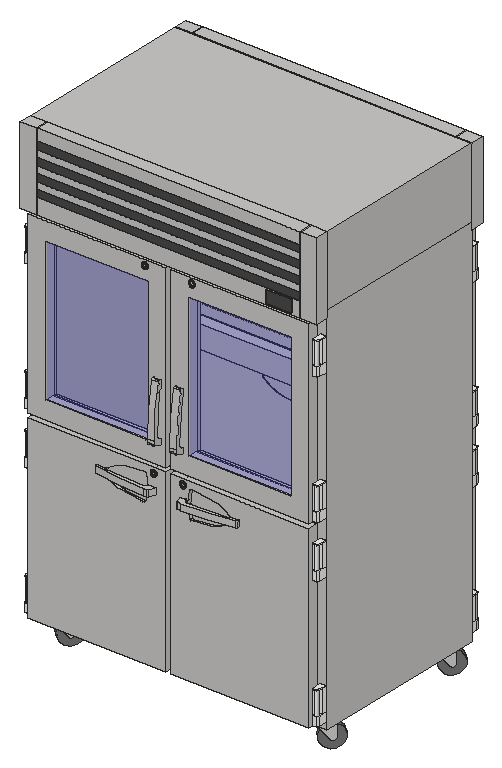
Revit family "QF_Turbo Air_PRO-50R-GSH-PT", category Specialty Equipment, Revit 2014
Parameters
  Width = 4' - 3 3/4"  # constant formula
  Weight in Pounds = 560
  Watermarked By = ""
  Volts = 115 V
  URL Cutsheet = ""
  URL = "www.turboairinc.com"
  Status [instance] = ""
  Specification by User [instance] = ""
  Specification by Manufacturer [instance] = ""
  Serial Number [instance] = ""
  Revision Code [instance] = ""
  Phase = 1
  Overall Height [instance] = Box Height + CasterLeg Height  # 6' - 11"
  Number of Poles [instance] = 1
  NAFEM Spec ID Number [instance] = ""
  Model = "PRO-50R-GSH-PT"
  Masterspec [instance] = ""
  Manufacturer = "Turbo Air"  # constant formula
  Door Height = 2' - 7 1/4"  # constant formula
  Description = "Refrigerator, Pass-Thru"
  Assembly Code = "E1090320"
  6 inch Legs [instance] = no
  Item Number [instance] = "-"
  Installed By [instance] = ""
  HP = "1/2"
  Furnished By [instance] = ""
  Foodservice Equipment Identifier = yes
  FL Amps = 9.1 A
  Electrical Remarks [instance] = ""
  Electric Connection Type = ""
  Elec Conn RI Height [instance] = 0' - 0"
  Elec Conn Connection Height = 6' - 4 7/8"
  Cycle = 60 Hz
  Conn Plug = "NEMA 5-15P"
  Casters [instance] = not([6 inch Legs])  # yes
  CasterLeg Height [instance] = if(or([5 inch Casters], [6 inch Legs]), 0' 6", 0' 5")  # 0' - 5"
  CSI MasterFormat = "11 41 13"
  Box Height = 6' - 6"  # constant formula
  Apparent Power = if(Phase = 3, Volts * FL Amps * 1.73, Volts * FL Amps)  # 1046.5 VA
  5 inch Casters [instance] = no
Reference planes (in)
  plane 1 "Box Back": y = 0
  plane 2: z = 0
  plane 3 "LEFT": x = -16.56573
  plane 4 "RIGHT": x = 35.18427
  plane 5 "FRONT": y = -33.875
  plane 6 "Box Front": y = -31.5
  plane 7 "Door Clearance": y = -57.75
  plane 8 "TOP": z = 83
  plane 9 "Box Bottom": z = 5
  plane 10 "Bottom Door Bottom": z = 5.875
  plane 11 "Top Door Top": z = 69.125
  plane 12 "Inside Left": x = -14.56573
  plane 13 "Inside Right": x = 33.18427
  plane 14 "Inside Back": y = -2
  plane 15 "Inside Front": y = -29.5
  plane 16 "Inside Top": z = 70.75
  plane 17 "Center LR": x = 9.30927
  plane 18 "Cowl Bottom": z = 69.5
  plane 19 "Door Left Hinge": x = -15.31573
  plane 20 "Door Right Hinge": x = 33.93427
  plane 21 "BACK": y = 2.375
  plane 22 "Center FB": y = -15.75
  plane 23: y = 26.25
  plane 24: x = 8.93427
  plane 25: x = 9.68427
  plane 26 "Door CL": z = 37.5
  plane 27 "Top Door Bottom": z = 37.875
  plane 28 "Bottom Door Top": z = 37.125
Forms (in)
  Extrusion 1, solid, material "QF_Stainless-Polished"
    sketch origin (0, 0, 5) x (0, 1, 0) y (-1, 0, 0)
      loop
        line (-31.5, 16.56573) -> (-31.5, 13.81573) -> (-29.5, 13.81573) -> (-29.5, 14.56573) -> (-2, 14.56573) -> (-2, 13.81573) -> (0, 13.81573) -> (0, 16.56573) -> (-31.5, 16.56573)
      loop
        line (-2, -33.18427) -> (-29.5, -33.18427) -> (-29.5, -32.43427) -> (-31.5, -32.43427) -> (-31.5, -35.18427) -> (0, -35.18427) -> (0, -32.43427) -> (-2, -32.43427) -> (-2, -33.18427)
    from 0 to 65.75
  Extrusion 2, solid, material "QF_Stainless-Polished"
    sketch origin (-14.56573, 0, 0) x (0, 1, 0) y (0, 0, 1)
      loop
        line (-29.5, 7.75) -> (-29.5, 5) -> (-2, 5) -> (-2, 7.75) -> (-29.5, 7.75)
      loop
        line (-29.5, 70.75) -> (-29.5, 69.375) -> (-2, 69.375) -> (-2, 70.75) -> (-29.5, 70.75)
    from 0 to 47.75
  Extrusion 3, solid, material "QF_Stainless-Polished"
    sketch origin (-14.56573, 0, 0) x (0, 1, 0) y (0, 0, 1)
      loop
        line (-29.5, 5) -> (-29.5, 8.25) -> (-31.5, 8.25) -> (-31.5, 5) -> (-29.5, 5)
      loop
        line (-31.5, 70.75) -> (-31.5, 67) -> (-29.5, 67) -> (-29.5, 70.75) -> (-31.5, 70.75)
    from 0.75 to 47
  Extrusion 4, solid, material "QF_Stainless-Polished"
    sketch origin (0, 0, 83) x (0, 1, 0) y (-1, 0, 0)
      loop
        line (0, 16.56573) -> (-31.5, 16.56573) -> (-31.5, -35.18427) -> (0, -35.18427) -> (0, 16.56573)
    from 0 to -12.25
  Extrusion 5, solid, material "QF_Plastic-Black-Fine Textured"
    sketch origin (0, -31.5, 0) x (1, 0, 0) y (0, 0, 1)
      loop
        line (-14.31573, 67.75) -> (-14.31573, 39.25) -> (7.93427, 39.25) -> (7.93427, 67.75) -> (-14.31573, 67.75)
      loop
        line (-14.31573, 7.25) -> (7.93427, 7.25) -> (7.93427, 35.75) -> (-14.31573, 35.75) -> (-14.31573, 7.25)
      loop
        line (32.93427, 7.25) -> (32.93427, 35.75) -> (10.68427, 35.75) -> (10.68427, 7.25) -> (32.93427, 7.25)
      loop
        line (32.93427, 67.75) -> (10.68427, 67.75) -> (10.68427, 39.25) -> (32.93427, 39.25) -> (32.93427, 67.75)
      loop
        line (-14.56573, 7) -> (8.18427, 7) -> (8.18427, 36) -> (-14.56573, 36) -> (-14.56573, 7)
      loop
        line (-14.56573, 68) -> (-14.56573, 39) -> (8.18427, 39) -> (8.18427, 68) -> (-14.56573, 68)
      loop
        line (33.18427, 68) -> (10.43427, 68) -> (10.43427, 39) -> (33.18427, 39) -> (33.18427, 68)
      loop
        line (33.18427, 7) -> (33.18427, 36) -> (10.43427, 36) -> (10.43427, 7) -> (33.18427, 7)
    from 0 to 0.625
  Extrusion 6, solid, material "QF_Stainless-Polished"
    sketch origin (0, -31.5, 0) x (1, 0, 0) y (0, 0, 1)
      loop
        line (-16.56573, 83) -> (-16.56573, 69.5) -> (-13.75323, 69.5) -> (-13.75323, 83) -> (-16.56573, 83)
      loop
        line (35.18427, 83) -> (32.37177, 83) -> (32.37177, 69.5) -> (35.18427, 69.5) -> (35.18427, 83)
    from 0 to 2.375
  Extrusion 7, solid, material "QF_Stainless-Polished"
    sketch origin (0, -31.5, 0) x (1, 0, 0) y (0, 0, 1)
      loop
        line (-13.75323, 83) -> (-13.75323, 81) -> (32.37177, 81) -> (32.37177, 83) -> (-13.75323, 83)
      loop
        line (-13.75323, 69.5) -> (32.37177, 69.5) -> (32.37177, 72.25) -> (-13.75323, 72.25) -> (-13.75323, 69.5)
      loop
        arc (30.87177, 71.75) -> (30.81686, 71.88258) -> (30.68427, 71.9375) r 0.1875
        line (30.68427, 71.9375) -> (26.55927, 71.9375)
        arc (26.55927, 71.9375) -> (26.42669, 71.88258) -> (26.37177, 71.75) r 0.1875
        line (26.37177, 71.75) -> (26.37177, 69.9375)
        arc (26.37177, 69.9375) -> (26.42669, 69.80492) -> (26.55927, 69.75) r 0.1875
        line (26.55927, 69.75) -> (30.68427, 69.75)
        arc (30.68427, 69.75) -> (30.81686, 69.80492) -> (30.87177, 69.9375) r 0.1875
        line (30.87177, 69.9375) -> (30.87177, 71.75)
    from 0 to 2.375
  Extrusion 8, solid, material "QF_Stainless-Polished"
    sketch origin (0, -31.5, 0) x (1, 0, 0) y (0, 0, 1)
      loop
        line (-13.75323, 79.6875) -> (-13.75323, 78.5625) -> (32.37177, 78.5625) -> (32.37177, 79.6875) -> (-13.75323, 79.6875)
      loop
        line (32.37177, 77.1875) -> (-13.75323, 77.1875) -> (-13.75323, 76.0625) -> (32.37177, 76.0625) -> (32.37177, 77.1875)
      loop
        line (32.37177, 74.6875) -> (-13.75323, 74.6875) -> (-13.75323, 73.5625) -> (32.37177, 73.5625) -> (32.37177, 74.6875)
    from 0 to 2.375
  Extrusion 9, solid, material "QF_Plastic-Black-Fine Textured"
    sketch origin (0, -31.5, 0) x (1, 0, 0) y (0, 0, 1)
      loop
        line (-13.75323, 81) -> (-13.75323, 79.6875) -> (32.37177, 79.6875) -> (32.37177, 81) -> (-13.75323, 81)
      loop
        line (-13.75323, 78.5625) -> (-13.75323, 77.1875) -> (32.37177, 77.1875) -> (32.37177, 78.5625) -> (-13.75323, 78.5625)
      loop
        line (-13.75323, 76.0625) -> (-13.75323, 74.6875) -> (32.37177, 74.6875) -> (32.37177, 76.0625) -> (-13.75323, 76.0625)
      loop
        line (-13.75323, 73.5625) -> (-13.75323, 72.25) -> (32.37177, 72.25) -> (32.37177, 73.5625) -> (-13.75323, 73.5625)
    from 0 to 2.375
  Extrusion 10, solid, material "QF_Plastic-Black-Fine Textured"
    sketch origin (0, -31.5, 0) x (1, 0, 0) y (0, 0, 1)
      loop
        arc (26.55927, 71.9375) -> (26.42669, 71.88258) -> (26.37177, 71.75) r 0.1875
        line (26.37177, 71.75) -> (26.37177, 69.9375)
        arc (26.37177, 69.9375) -> (26.42669, 69.80492) -> (26.55927, 69.75) r 0.1875
        line (26.55927, 69.75) -> (30.68427, 69.75)
        arc (30.68427, 69.75) -> (30.81686, 69.80492) -> (30.87177, 69.9375) r 0.1875
        line (30.87177, 69.9375) -> (30.87177, 71.75)
        arc (30.87177, 71.75) -> (30.81686, 71.88258) -> (30.68427, 71.9375) r 0.1875
        line (30.68427, 71.9375) -> (26.55927, 71.9375)
    from 0 to 2.375
  Extrusion 11, solid, material "QF_Clearance", detail levels coarse+medium
    sketch origin (0, 0, 5.875) x (0, 1, 0) y (-1, 0, 0)
      loop
        line (-57.75, -35.18427) -> (-33.875, -35.18427) -> (-33.875, -9.68427)
        arc (-33.875, -9.68427) -> (-51.23446, -17.35783) -> (-57.75, -35.18427) r 24.25
      loop
        arc (-57.75, 16.56573) -> (-51.23446, -1.26072) -> (-33.875, -8.93427) r 24.25
        line (-33.875, -8.93427) -> (-33.875, 16.56573) -> (-57.75, 16.56573)
    from 0 to 63.25
  Extrusion 12, solid, material "QF_Stainless-Polished"
    sketch origin (0, -2, 0) x (1, 0, 0) y (0, 0, 1)
      loop
        line (33.18427, 69.375) -> (-11.50323, 69.375) -> (-11.50323, 68.125) -> (10.43427, 68.125) -> (31.93427, 65.625) -> (33.18427, 65.625) -> (33.18427, 69.375)
    from 0 to 27.5
  Extrusion 13, solid, material "QF_Stainless-Polished"
    sketch origin (0, -15.75, 0) x (-1, 0, 0) y (0, 0, 1)
      loop
        line (-31.93427, 65.625) -> (-33.18427, 65.625) -> (-33.18427, 28.875) -> (-31.93427, 28.875) -> (-31.93427, 65.625)
    from 0.25 to -0.25
  Extrusion 14, solid, material "QF_Stainless-Polished"
    sketch origin (0, 0, 0) x (1, 0, 0) y (0, 0, 1)
      loop
        line (-16.56573, 83) -> (-16.56573, 69.5) -> (-13.75323, 69.5) -> (-13.75323, 83) -> (-16.56573, 83)
      loop
        line (35.18427, 83) -> (32.37177, 83) -> (32.37177, 69.5) -> (35.18427, 69.5) -> (35.18427, 83)
    from 0 to -2.375
  Extrusion 15, solid, material "QF_Plastic-Black-Fine Textured"
    sketch origin (0, 0, 0) x (1, 0, 0) y (0, 0, 1)
      loop
        line (-13.75323, 81) -> (-13.75323, 79.6875) -> (32.37177, 79.6875) -> (32.37177, 81) -> (-13.75323, 81)
      loop
        line (-13.75323, 78.5625) -> (-13.75323, 77.1875) -> (32.37177, 77.1875) -> (32.37177, 78.5625) -> (-13.75323, 78.5625)
      loop
        line (-13.75323, 76.0625) -> (-13.75323, 74.6875) -> (32.37177, 74.6875) -> (32.37177, 76.0625) -> (-13.75323, 76.0625)
      loop
        line (-13.75323, 73.5625) -> (-13.75323, 72.25) -> (32.37177, 72.25) -> (32.37177, 73.5625) -> (-13.75323, 73.5625)
    from 0 to -2.375
  Extrusion 16, solid, material "QF_Plastic-Black-Fine Textured"
    sketch origin (0, 0, 0) x (1, 0, 0) y (0, 0, 1)
      loop
        arc (26.55927, 71.9375) -> (26.42669, 71.88258) -> (26.37177, 71.75) r 0.1875
        line (26.37177, 71.75) -> (26.37177, 69.9375)
        arc (26.37177, 69.9375) -> (26.42669, 69.80492) -> (26.55927, 69.75) r 0.1875
        line (26.55927, 69.75) -> (30.68427, 69.75)
        arc (30.68427, 69.75) -> (30.81686, 69.80492) -> (30.87177, 69.9375) r 0.1875
        line (30.87177, 69.9375) -> (30.87177, 71.75)
        arc (30.87177, 71.75) -> (30.81686, 71.88258) -> (30.68427, 71.9375) r 0.1875
        line (30.68427, 71.9375) -> (26.55927, 71.9375)
    from 0 to -2.375
  Extrusion 17, solid, material "QF_Stainless-Polished"
    sketch origin (-14.56573, -31.5, 0) x (0, -1, 0) y (0, 0, -1)
      loop
        line (-29.5, -5) -> (-31.5, -5) -> (-31.5, -8.25) -> (-29.5, -8.25) -> (-29.5, -5)
      loop
        line (-31.5, -70.75) -> (-29.5, -70.75) -> (-29.5, -67) -> (-31.5, -67) -> (-31.5, -70.75)
    from 0.75 to 47
  Extrusion 18, solid, material "QF_Stainless-Polished"
    sketch origin (0, 0, 0) x (1, 0, 0) y (0, 0, 1)
      loop
        line (32.37177, 83) -> (-13.75323, 83) -> (-13.75323, 81) -> (32.37177, 81) -> (32.37177, 83)
      loop
        line (32.37177, 72.25) -> (-13.75323, 72.25) -> (-13.75323, 69.5) -> (32.37177, 69.5) -> (32.37177, 72.25)
      loop
        line (30.87177, 69.9375) -> (30.87177, 71.75)
        arc (30.87177, 71.75) -> (30.81686, 71.88258) -> (30.68427, 71.9375) r 0.1875
        line (30.68427, 71.9375) -> (26.55927, 71.9375)
        arc (26.55927, 71.9375) -> (26.42669, 71.88258) -> (26.37177, 71.75) r 0.1875
        line (26.37177, 71.75) -> (26.37177, 69.9375)
        arc (26.37177, 69.9375) -> (26.42669, 69.80492) -> (26.55927, 69.75) r 0.1875
        line (26.55927, 69.75) -> (30.68427, 69.75)
        arc (30.68427, 69.75) -> (30.81686, 69.80492) -> (30.87177, 69.9375) r 0.1875
    from 0 to -2.375
  Extrusion 19, solid, material "QF_Plastic-Black-Fine Textured"
    sketch origin (0, 0, 0) x (1, 0, 0) y (0, 0, 1)
      loop
        line (33.18427, 68) -> (10.43427, 68) -> (10.43427, 39) -> (33.18427, 39) -> (33.18427, 68)
      loop
        line (-14.31573, 67.75) -> (-14.31573, 39.25) -> (7.93427, 39.25) -> (7.93427, 67.75) -> (-14.31573, 67.75)
      loop
        line (32.93427, 67.75) -> (10.68427, 67.75) -> (10.68427, 39.25) -> (32.93427, 39.25) -> (32.93427, 67.75)
      loop
        line (-14.56573, 7) -> (8.18427, 7) -> (8.18427, 36) -> (-14.56573, 36) -> (-14.56573, 7)
      loop
        line (32.93427, 7.25) -> (32.93427, 35.75) -> (10.68427, 35.75) -> (10.68427, 7.25) -> (32.93427, 7.25)
      loop
        line (-14.31573, 7.25) -> (7.93427, 7.25) -> (7.93427, 35.75) -> (-14.31573, 35.75) -> (-14.31573, 7.25)
      loop
        line (-14.56573, 68) -> (-14.56573, 39) -> (8.18427, 39) -> (8.18427, 68) -> (-14.56573, 68)
      loop
        line (10.43427, 7) -> (33.18427, 7) -> (33.18427, 36) -> (10.43427, 36) -> (10.43427, 7)
    from 0 to -0.625
  Extrusion 20, solid, material "QF_Stainless-Polished"
    sketch origin (0, 0, 0) x (1, 0, 0) y (0, 0, 1)
      loop
        line (32.37177, 79.6875) -> (-13.75323, 79.6875) -> (-13.75323, 78.5625) -> (32.37177, 78.5625) -> (32.37177, 79.6875)
      loop
        line (32.37177, 77.1875) -> (-13.75323, 77.1875) -> (-13.75323, 76.0625) -> (32.37177, 76.0625) -> (32.37177, 77.1875)
      loop
        line (32.37177, 74.6875) -> (-13.75323, 74.6875) -> (-13.75323, 73.5625) -> (32.37177, 73.5625) -> (32.37177, 74.6875)
    from 0 to -2.375
  Extrusion 21, solid, material "QF_Clearance", detail levels coarse+medium
    sketch origin (0, -31.5, 5.875) x (0, -1, 0) y (1, 0, 0)
      loop
        arc (-57.75, 35.18427) -> (-51.23446, 17.35783) -> (-33.875, 9.68427) r 24.25
        line (-33.875, 9.68427) -> (-33.875, 35.18427) -> (-57.75, 35.18427)
      loop
        line (-57.75, -16.56573) -> (-33.875, -16.56573) -> (-33.875, 8.93427)
        arc (-33.875, 8.93427) -> (-51.23446, 1.26072) -> (-57.75, -16.56573) r 24.25
    from 0 to 63.25
  Extrusion 22, solid, material "QF_Stainless-Polished"
    sketch origin (0, -31.5, 0) x (1, 0, 0) y (0, 0, 1)
      loop
        line (11.30927, 67) -> (7.30927, 67) -> (7.30927, 39.5) -> (-13.81573, 39.5) -> (-13.81573, 35.5) -> (7.30927, 35.5) -> (7.30927, 8.25) -> (11.30927, 8.25) -> (11.30927, 35.5) -> (32.43427, 35.5) -> (32.43427, 39.5) -> (11.30927, 39.5) -> (11.30927, 67)
    from 0 to -2
  Extrusion 23, solid, material "QF_Stainless-Polished"
    sketch origin (0, 0, 0) x (1, 0, 0) y (0, 0, 1)
      loop
        line (11.30927, 67) -> (7.30927, 67) -> (7.30927, 39.5) -> (-13.81573, 39.5) -> (-13.81573, 35.5) -> (7.30927, 35.5) -> (7.30927, 8.25) -> (11.30927, 8.25) -> (11.30927, 35.5) -> (32.43427, 35.5) -> (32.43427, 39.5) -> (11.30927, 39.5) -> (11.30927, 67)
    from 0 to 2
Lines and regions (in)
  symbolic lines
    curve 1: line (-16.56573, 2.375, 83) -> (35.18427, 2.375, 83)
    curve 2: line (-16.56573, -33.875, 83) -> (-16.56573, 2.375, 83)
    curve 3: line (35.18427, -33.875, 83) -> (-16.56573, -33.875, 83)
    curve 4: line (35.18427, 2.375, 83) -> (35.18427, -33.875, 83)
  symbolic lines, style "QF_Clearances_Door_Drawer", detail levels coarse+medium
    curve 5: line (35.18427, -57.75, 5.875) -> (35.18427, -33.875, 5.875)
    curve 6: line (-16.56573, 26.25, 5.875) -> (-16.56573, 2.375, 5.875)
    curve 7: arc (8.93427, 2.375, 5.875) -> (1.26072, 19.73446, 5.875) -> (-16.56573, 26.25, 5.875) r 24.25
    curve 8: arc (35.18427, 26.25, 5.875) -> (17.35783, 19.73446, 5.875) -> (9.68427, 2.375, 5.875) r 24.25
    curve 9: line (35.18427, 2.375, 5.875) -> (35.18427, 26.25, 5.875)
    curve 10: arc (9.68427, -33.875, 5.875) -> (17.35783, -51.23446, 5.875) -> (35.18427, -57.75, 5.875) r 24.25
    curve 11: arc (-16.56573, -57.75, 5.875) -> (1.26072, -51.23446, 5.875) -> (8.93427, -33.875, 5.875) r 24.25
    curve 12: line (-16.56573, -33.875, 5.875) -> (-16.56573, -57.75, 5.875)
Dimensions and locks (in)
  "Width": plane 4 "RIGHT" to plane 3 "LEFT"
  plane 5 "FRONT" to plane 6 "Box Front" = 0' - 2 3/8"
  "CasterLeg Height": plane 9 "Box Bottom" to level
  locked: plane 10 "Bottom Door Bottom" to plane 9 "Box Bottom" at 0.875
  "Box Height": plane 8 "TOP" to plane 9 "Box Bottom"
  locked: plane 8 "TOP" to plane 11 "Top Door Top" at 13.875
  locked: plane 3 "LEFT" to plane 12 "Inside Left" at 2
  locked: plane 13 "Inside Right" to plane 4 "RIGHT" at 2
  locked: plane 14 "Inside Back" to plane 1 "Box Back" at 2
  plane 6 "Box Front" to plane 15 "Inside Front" = 0' - 2"
  locked: plane 12 "Inside Left" to Extrusion 1 sketch curve at 0.75
  locked: Extrusion 1 sketch curve to plane 13 "Inside Right" at 0.75
  locked: plane 8 "TOP" to plane 16 "Inside Top" at 12.25
  locked: plane 9 "Box Bottom" to Extrusion 2 sketch curve at 2.75
  locked: Extrusion 3 sketch curve to plane 9 "Box Bottom" at 3.25
  locked: plane 16 "Inside Top" to Extrusion 2 sketch curve at 1.375
  locked: Extrusion 3 sketch curve to plane 16 "Inside Top" at 3.75
  equal spacing: plane 3 "LEFT", plane 17 "Center LR", plane 4 "RIGHT"
  locked: Extrusion 5 sketch curve to Extrusion 5 sketch curve at 0.25  (x16)
  locked: Extrusion 5 sketch curve to plane 3 "LEFT" at 2
  locked: Extrusion 5 sketch curve to plane 4 "RIGHT" at 2
  locked: plane 11 "Top Door Top" to Extrusion 5 sketch curve at 1.125  (x2)
  locked: Extrusion 5 sketch curve to plane 10 "Bottom Door Bottom" at 1.125  (x2)
  locked: plane 18 "Cowl Bottom" to plane 11 "Top Door Top" at 0.375
  locked: plane 3 "LEFT" to nested 1 at 3
  locked: nested 1 to plane 1 "Box Back" at 2.5
  locked: plane 3 "LEFT" to nested 2 at 3
  locked: plane 6 "Box Front" to nested 2 at 2.8125
  locked: nested 3 to plane 4 "RIGHT" at 3
  locked: nested 3 to plane 1 "Box Back" at 2.5
  locked: nested 4 to plane 4 "RIGHT" at 3
  locked: plane 6 "Box Front" to nested 4 at 2.8125
  locked: plane 3 "LEFT" to Extrusion 6 sketch curve at 2.8125
  locked: Extrusion 6 sketch curve to plane 4 "RIGHT" at 2.8125
  locked: Extrusion 7 sketch curve to plane 3 "LEFT" at 2.8125  (x2)
  locked: plane 8 "TOP" to Extrusion 7 sketch curve at 2
  locked: Extrusion 7 sketch curve to plane 4 "RIGHT" at 2.8125  (x2)
  locked: Extrusion 7 sketch curve to plane 18 "Cowl Bottom" at 2.75
  locked: Extrusion 7 sketch curve to Extrusion 7 sketch curve at 4.5
  locked: Extrusion 7 sketch curve to plane 4 "RIGHT" at 4.3125
  locked: Extrusion 7 sketch curve to Extrusion 7 sketch curve at 2.1875
  locked: Extrusion 7 sketch curve to Extrusion 7 sketch curve at 0.3125
  locked: Extrusion 8 sketch curve to plane 3 "LEFT" at 2.8125  (x3)
  locked: Extrusion 8 sketch curve to plane 4 "RIGHT" at 2.8125  (x3)
  locked: plane 8 "TOP" to Extrusion 8 sketch curve at 3.3125
  locked: Extrusion 8 sketch curve to Extrusion 8 sketch curve at 1.125  (x3)
  locked: Extrusion 8 sketch curve to Extrusion 8 sketch curve at 1.375  (x2)
  locked: plane 3 "LEFT" to plane 19 "Door Left Hinge" at 1.25
  locked: plane 20 "Door Right Hinge" to plane 4 "RIGHT" at 1.25
  locked: plane 6 "Box Front" to plane 1 "Box Back" at 31.5
  locked: plane 1 "Box Back" to plane 21 "BACK" at 2.375
  locked: Extrusion 12 sketch curve to Extrusion 12 sketch curve at 1.25
  locked: Extrusion 12 sketch curve to Extrusion 12 sketch curve at 3.75
  locked: Extrusion 13 sketch curve to Extrusion 13 sketch curve at 36.75
  equal spacing: plane 6 "Box Front", plane 22 "Center FB", plane 1 "Box Back"
  locked: plane 4 "RIGHT" to Extrusion 14 sketch curve at 2.8125
  locked: Extrusion 14 sketch curve to plane 3 "LEFT" at 2.8125
  locked: Extrusion 15 sketch curve to plane 8 "TOP" at 2
  locked: Extrusion 15 sketch curve to Extrusion 15 sketch curve at 1.3125  (x2)
  locked: Extrusion 15 sketch curve to Extrusion 15 sketch curve at 1.125  (x3)
  locked: Extrusion 15 sketch curve to Extrusion 15 sketch curve at 1.375  (x2)
  locked: plane 4 "RIGHT" to Extrusion 15 sketch curve at 2.8125  (x4)
  locked: plane 3 "LEFT" to Extrusion 15 sketch curve at 2.8125  (x4)
  locked: Extrusion 16 sketch curve to Extrusion 16 sketch curve at 2.1875
  locked: plane 18 "Cowl Bottom" to Extrusion 16 sketch curve at 0.25
  locked: plane 4 "RIGHT" to Extrusion 16 sketch curve at 4.3125
  locked: Extrusion 16 sketch curve to Extrusion 16 sketch curve at 4.5
  locked: plane 3 "LEFT" to Extrusion 1 sketch curve at 2.75
  locked: Extrusion 1 sketch curve to plane 4 "RIGHT" at 2.75
  locked: plane 16 "Inside Top" to Extrusion 17 sketch curve at 3.75
  locked: Extrusion 17 sketch curve to plane 9 "Box Bottom" at 3.25
  locked: Extrusion 18 sketch curve to plane 4 "RIGHT" at 2.8125  (x2)
  locked: Extrusion 18 sketch curve to plane 3 "LEFT" at 2.8125  (x2)
  locked: Extrusion 18 sketch curve to plane 8 "TOP" at 2
  locked: plane 18 "Cowl Bottom" to Extrusion 18 sketch curve at 2.75
  locked: Extrusion 18 sketch curve to Extrusion 18 sketch curve at 2.1875
  locked: plane 18 "Cowl Bottom" to Extrusion 18 sketch curve at 0.25
  locked: Extrusion 18 sketch curve to Extrusion 18 sketch curve at 4.5
  locked: Extrusion 18 sketch curve to plane 4 "RIGHT" at 4.3125
  locked: Extrusion 19 sketch curve to Extrusion 19 sketch curve at 0.25  (x16)
  locked: plane 20 "Door Right Hinge" to Extrusion 19 sketch curve at 0.75  (x2)
  locked: Extrusion 19 sketch curve to plane 19 "Door Left Hinge" at 0.75  (x2)
  locked: Extrusion 19 sketch curve to plane 11 "Top Door Top" at 1.125  (x2)
  locked: plane 10 "Bottom Door Bottom" to Extrusion 19 sketch curve at 1.125  (x2)
  locked: Extrusion 20 sketch curve to plane 4 "RIGHT" at 2.8125  (x3)
  locked: Extrusion 20 sketch curve to plane 8 "TOP" at 3.3125
  locked: Extrusion 20 sketch curve to Extrusion 20 sketch curve at 1.125  (x3)
  locked: Extrusion 20 sketch curve to Extrusion 20 sketch curve at 1.375  (x2)
  locked: Extrusion 20 sketch curve to plane 3 "LEFT" at 2.8125  (x3)
  locked: plane 7 "Door Clearance" to plane 5 "FRONT" at 23.875
  locked: plane 21 "BACK" to plane 23 at 23.875
  plane 24 to plane 17 "Center LR" to plane 25 = 0' - 0 3/8" locked, 0' - 0 3/8" locked
  plane 19 "Door Left Hinge" to plane 24 = 2' - 0 1/4"
  locked: Extrusion 5 sketch curve to plane 24 at 0.75  (x2)
  locked: plane 25 to Extrusion 5 sketch curve at 0.75
  locked: Extrusion 19 sketch curve to plane 25 at 0.75  (x2)
  locked: plane 24 to Extrusion 19 sketch curve at 0.75  (x2)
  locked: plane 11 "Top Door Top" to Extrusion 22 sketch curve at 2.125
  Extrusion 22 sketch curve to plane 17 "Center LR" to Extrusion 22 sketch curve = 0' - 2" locked, 0' - 2" locked  (x2)
  locked: Extrusion 22 sketch curve to plane 10 "Bottom Door Bottom" at 2.375
  Extrusion 23 sketch curve to plane 17 "Center LR" to Extrusion 23 sketch curve = 0' - 2" locked, 0' - 2" locked  (x2)
  locked: Extrusion 23 sketch curve to plane 11 "Top Door Top" at 2.125
  locked: plane 10 "Bottom Door Bottom" to Extrusion 23 sketch curve at 2.375
  plane 27 "Top Door Bottom" to plane 26 "Door CL" to plane 28 "Bottom Door Top" = 0' - 0 3/8" locked, 0' - 0 3/8" locked
  equal spacing: plane 11 "Top Door Top", plane 26 "Door CL", plane 10 "Bottom Door Bottom"
  locked: Extrusion 5 sketch curve to plane 27 "Top Door Bottom" at 1.125  (x2)
  locked: plane 28 "Bottom Door Top" to Extrusion 5 sketch curve at 1.125  (x2)
  locked: Extrusion 5 sketch curve to plane 19 "Door Left Hinge" at 0.75
  locked: Extrusion 5 sketch curve to plane 25 at 0.75
  locked: Extrusion 5 sketch curve to plane 20 "Door Right Hinge" at 0.75
  Extrusion 22 sketch curve to plane 26 "Door CL" to Extrusion 22 sketch curve = 0' - 2" locked, 0' - 2" locked  (x2)
  locked: Extrusion 22 sketch curve to plane 3 "LEFT" at 2.75
  locked: plane 4 "RIGHT" to Extrusion 22 sketch curve at 2.75
  locked: plane 27 "Top Door Bottom" to Extrusion 19 sketch curve at 1.125  (x2)
  locked: Extrusion 19 sketch curve to plane 28 "Bottom Door Top" at 1.125  (x2)
  locked: Extrusion 23 sketch curve to plane 4 "RIGHT" at 2.75
  locked: plane 3 "LEFT" to Extrusion 23 sketch curve at 2.75
  Extrusion 23 sketch curve to plane 26 "Door CL" to Extrusion 23 sketch curve = 0' - 2" locked, 0' - 2" locked  (x2)
  aligned and locked: level to plane 2
  aligned and locked: Extrusion 1 sketch curve to plane 3 "LEFT"
  aligned and locked: plane 12 "Inside Left" to Extrusion 1 sketch curve
  aligned and locked: Extrusion 1 sketch curve to plane 13 "Inside Right"
  aligned and locked: plane 4 "RIGHT" to Extrusion 1 sketch curve
  aligned and locked: plane 14 "Inside Back" to Extrusion 1 sketch curve  (x2)
  aligned and locked: Extrusion 1 sketch curve to plane 1 "Box Back"  (x2)
  aligned and locked: Extrusion 1 sketch curve to plane 15 "Inside Front"  (x2)
  aligned and locked: plane 6 "Box Front" to Extrusion 1 sketch curve  (x2)
  aligned and locked: plane 16 "Inside Top" to Extrusion 1
  aligned and locked: plane 9 "Box Bottom" to Extrusion 2 sketch curve
  aligned and locked: plane 15 "Inside Front" to Extrusion 2 sketch curve
  aligned and locked: plane 14 "Inside Back" to Extrusion 2 sketch curve  (x2)
  aligned and locked: plane 13 "Inside Right" to Extrusion 2
  aligned and locked: plane 6 "Box Front" to Extrusion 3 sketch curve  (x2)
  aligned and locked: Extrusion 3 sketch curve to plane 9 "Box Bottom"
  aligned and locked: Extrusion 3 sketch curve to plane 15 "Inside Front"  (x2)
  aligned and locked: Extrusion 3 to Extrusion 1  (x2)
  aligned and locked: Extrusion 2 sketch curve to plane 16 "Inside Top"
  aligned and locked: Extrusion 2 sketch curve to plane 15 "Inside Front"
  aligned and locked: plane 16 "Inside Top" to Extrusion 3 sketch curve
  aligned and locked: plane 1 "Box Back" to Extrusion 4 sketch curve
  aligned and locked: plane 3 "LEFT" to Extrusion 4 sketch curve
  aligned and locked: Extrusion 4 sketch curve to plane 6 "Box Front"
  aligned and locked: Extrusion 4 sketch curve to plane 4 "RIGHT"
  aligned and locked: Extrusion 4 to plane 16 "Inside Top"
  aligned and locked: plane 5 "FRONT" to Extrusion 6
  aligned and locked: plane 3 "LEFT" to curve 2
  aligned and locked: curve 3 to plane 5 "FRONT"
  aligned and locked: curve 4 to plane 4 "RIGHT"
  aligned and locked: plane 18 "Cowl Bottom" to Extrusion 6 sketch curve
  aligned and locked: plane 3 "LEFT" to Extrusion 6 sketch curve
  aligned and locked: Extrusion 6 sketch curve to plane 8 "TOP"
  aligned and locked: plane 8 "TOP" to Extrusion 6 sketch curve
  aligned and locked: plane 4 "RIGHT" to Extrusion 6 sketch curve
  aligned and locked: Extrusion 6 sketch curve to plane 18 "Cowl Bottom"
  aligned and locked: Extrusion 7 sketch curve to plane 8 "TOP"
  aligned and locked: plane 18 "Cowl Bottom" to Extrusion 7 sketch curve
  aligned and locked: plane 5 "FRONT" to Extrusion 7
  aligned and locked: plane 5 "FRONT" to Extrusion 8
  aligned and locked: Extrusion 9 sketch curve to Extrusion 7  (x4)
  aligned and locked: Extrusion 9 sketch curve to Extrusion 8  (x12)
  aligned and locked: plane 5 "FRONT" to Extrusion 9
  aligned and locked: Extrusion 10 sketch curve to Extrusion 7  (x4)
  aligned and locked: plane 5 "FRONT" to Extrusion 10
  aligned and locked: plane 6 "Box Front" to nested 5
  aligned and locked: nested 5 to plane 10 "Bottom Door Bottom"
  aligned and locked: plane 11 "Top Door Top" to Extrusion 11
  aligned and locked: plane 15 "Inside Front" to Extrusion 12
  aligned and locked: Extrusion 14 sketch curve to plane 8 "TOP"
  aligned and locked: Extrusion 14 sketch curve to plane 4 "RIGHT"
  aligned and locked: plane 18 "Cowl Bottom" to Extrusion 14 sketch curve
  aligned and locked: Extrusion 14 sketch curve to plane 18 "Cowl Bottom"
  aligned and locked: Extrusion 14 sketch curve to plane 3 "LEFT"
  aligned and locked: plane 8 "TOP" to Extrusion 14 sketch curve
  aligned and locked: Extrusion 14 to plane 21 "BACK"
  aligned and locked: Extrusion 15 to plane 21 "BACK"
  aligned and locked: Extrusion 16 to plane 21 "BACK"
  aligned and locked: Extrusion 17 to Extrusion 1
  aligned and locked: plane 16 "Inside Top" to Extrusion 17 sketch curve
  aligned and locked: plane 14 "Inside Back" to Extrusion 17 sketch curve  (x2)
  aligned and locked: Extrusion 17 sketch curve to plane 1 "Box Back"  (x2)
  aligned and locked: Extrusion 17 sketch curve to plane 9 "Box Bottom"
  aligned and locked: Extrusion 18 sketch curve to plane 8 "TOP"
  aligned and locked: plane 18 "Cowl Bottom" to Extrusion 18 sketch curve
  aligned and locked: Extrusion 18 to plane 21 "BACK"
  aligned and locked: nested 6 to plane 10 "Bottom Door Bottom"
  aligned and locked: nested 6 to plane 3 "LEFT"
  aligned and locked: Extrusion 20 to plane 21 "BACK"
  aligned and locked: plane 21 "BACK" to curve 1
  aligned and locked: plane 4 "RIGHT" to nested 5
  aligned and locked: plane 10 "Bottom Door Bottom" to nested 7
  aligned and locked: plane 3 "LEFT" to nested 7
  aligned and locked: plane 10 "Bottom Door Bottom" to nested 8
  aligned and locked: nested 8 to plane 4 "RIGHT"
  aligned and locked: plane 11 "Top Door Top" to Extrusion 21
  aligned and locked: nested 11 to plane 27 "Top Door Bottom"
  aligned and locked: plane 27 "Top Door Bottom" to nested 12
  aligned and locked: plane 27 "Top Door Bottom" to nested 10
  aligned and locked: nested 9 to plane 27 "Top Door Bottom"
  aligned and locked: plane 6 "Box Front" to nested 9
  aligned and locked: nested 10 to plane 6 "Box Front"
  aligned and locked: nested 11 to plane 1 "Box Back"
  aligned and locked: plane 1 "Box Back" to nested 12
  aligned and locked: nested 12 to plane 4 "RIGHT"
  aligned and locked: plane 4 "RIGHT" to nested 9
  aligned and locked: plane 3 "LEFT" to nested 10
  aligned and locked: nested 11 to plane 3 "LEFT"
Automatic sketch dimensions
  curve 5 to plane 4 "RIGHT" = 0' - 0"
  plane 7 "Door Clearance" to curve 5 = 0' - 0"
  curve 11 to plane 3 "LEFT" = 0' - 0"
  plane 7 "Door Clearance" to curve 11 = 0' - 0"
  plane 5 "FRONT" to curve 12 = 0' - 0"
  plane 5 "FRONT" to curve 11 = 0' - 0"
  plane 5 "FRONT" to curve 10 = 0' - 0"
  plane 5 "FRONT" to curve 5 = 0' - 0"
  curve 6 to plane 3 "LEFT" = 0' - 0"
  plane 21 "BACK" to curve 6 = 0' - 0"
  plane 21 "BACK" to curve 7 = 0' - 0"
  plane 21 "BACK" to curve 8 = 0' - 0"
  curve 9 to plane 4 "RIGHT" = 0' - 0"
  plane 21 "BACK" to curve 9 = 0' - 0"
  plane 23 to curve 7 = 0' - 0"
  plane 23 to curve 8 = 0' - 0"
  curve 10 to plane 25 = 0' - 0"
  curve 8 to plane 25 = 0' - 0"
  curve 11 to plane 24 = 0' - 0"
  curve 7 to plane 24 = 0' - 0"
  plane 19 "Door Left Hinge" to curve 11 = 0' - 0.00242"
  curve 10 to plane 20 "Door Right Hinge" = 0' - 0.00242"
  curve 8 to plane 20 "Door Right Hinge" = 0' - 0.00242"
  plane 19 "Door Left Hinge" to curve 7 = 0' - 0.00242"
  Extrusion 7 sketch curve to Extrusion 7 sketch curve = 0' - 0 3/16"  (x4)
  Extrusion 11 sketch curve to plane 4 "RIGHT" = 0' - 0"
  plane 7 "Door Clearance" to Extrusion 11 sketch curve = 0' - 0"  (x2)
  Extrusion 11 sketch curve to plane 3 "LEFT" = 0' - 0"
  plane 5 "FRONT" to Extrusion 11 sketch curve = 0' - 0"  (x2)
  Extrusion 11 sketch curve to plane 25 = 0' - 0"
  Extrusion 11 sketch curve to plane 24 = 0' - 0"
  Extrusion 11 sketch curve to plane 20 "Door Right Hinge" = 0' - 0.00242"
  plane 19 "Door Left Hinge" to Extrusion 11 sketch curve = 0' - 0.00242"
  Extrusion 12 sketch curve to plane 13 "Inside Right" = 0' - 0"
  Extrusion 12 sketch curve to Extrusion 12 sketch curve = 0' - 1 1/4"
  Extrusion 12 sketch curve to plane 25 = 0' - 0 3/4"
  Extrusion 12 sketch curve to plane 11 "Top Door Top" = 0' - 1"
  plane 12 "Inside Left" to Extrusion 12 sketch curve = 0' - 3 1/16"
  Extrusion 13 sketch curve to plane 13 "Inside Right" = 0' - 0"
  Extrusion 13 sketch curve to Extrusion 13 sketch curve = 0' - 1 1/4"
  Extrusion 13 sketch curve to plane 28 "Bottom Door Top" = 0' - 8 1/4"
  Extrusion 16 sketch curve to Extrusion 16 sketch curve = 0' - 0 3/16"  (x4)
  Extrusion 18 sketch curve to Extrusion 18 sketch curve = 0' - 0 3/16"  (x4)
  Extrusion 21 sketch curve to plane 4 "RIGHT" = 0' - 0"
  plane 23 to Extrusion 21 sketch curve = 0' - 0"  (x2)
  Extrusion 21 sketch curve to plane 3 "LEFT" = 0' - 0"
  plane 21 "BACK" to Extrusion 21 sketch curve = 0' - 0"  (x2)
  Extrusion 21 sketch curve to plane 25 = 0' - 0"
  Extrusion 21 sketch curve to plane 24 = 0' - 0"
  plane 20 "Door Right Hinge" to Extrusion 21 sketch curve = 0' - 0.00242"
  Extrusion 21 sketch curve to plane 19 "Door Left Hinge" = 0' - 0.00242"
Nested families (in)
  nested 1: "FESCasterLeg" at (-13.56573, -2.5, 0), Casters <- "Casters", Legs <- "6 inch Legs", Height <- "CasterLeg Height", type "FESCasterLeg"
    with Legs no, Height 0' - 5", Casters yes, Caster Radius 0' - 2"
  nested 2: "FESCasterLeg" at (-13.56573, -28.6875, 0), Casters <- "Casters", Legs <- "6 inch Legs", Height <- "CasterLeg Height", type "FESCasterLeg"
    with Legs no, Height 0' - 5", Casters yes, Caster Radius 0' - 2"
  nested 3: "FESCasterLeg" at (32.18427, -2.5, 0), Casters <- "Casters", Legs <- "6 inch Legs", Height <- "CasterLeg Height", type "FESCasterLeg"
    with Legs no, Height 0' - 5", Casters yes, Caster Radius 0' - 2"
  nested 4: "FESCasterLeg" at (32.18427, -28.6875, 0), Casters <- "Casters", Legs <- "6 inch Legs", Height <- "CasterLeg Height", type "FESCasterLeg"
    with Legs no, Height 0' - 5", Casters yes, Caster Radius 0' - 2"
  nested 5: "QF_Turbo Air_RI-Solid Door" at (26.25, -32.125, 5.875), Height <- "Door Height", type "QF_Turbo Air_RI-Solid Door"
    with Width 2' - 0 1/4", Symbolic Lines Handle yes, Symbolic Lines no, Height 2' - 7 1/4", Handle From Top 0' - 3 9/16", Center Hinge no
  nested 6: "QF_Turbo Air_RI-Solid Door" at (-7.63145, 0.625, 5.875) x (-1, 0, 0) z (0, 0, 1), Height <- "Door Height", type "QF_Turbo Air_RI-Solid Door"
    with Width 2' - 0 1/4", Symbolic Lines Handle yes, Symbolic Lines no, Height 2' - 7 1/4", Handle From Top 0' - 3 9/16", Center Hinge no
  nested 7: "QF_Turbo Air_RI-Solid Door" at (-7.63145, -32.125, 5.875) x (-1, 0, 0) z (0, 0, 1), Height <- "Door Height", type "QF_Turbo Air_RI-Solid Door"
    with Width 2' - 0 1/4", Symbolic Lines Handle yes, Symbolic Lines no, Height 2' - 7 1/4", Handle From Top 0' - 3 9/16", Center Hinge no
  nested 8: "QF_Turbo Air_RI-Solid Door" at (26.25, 0.625, 5.875), Height <- "Door Height", type "QF_Turbo Air_RI-Solid Door"
    with Width 2' - 0 1/4", Symbolic Lines Handle yes, Symbolic Lines no, Height 2' - 7 1/4", Handle From Top 0' - 3 9/16", Center Hinge no
  nested 9: "QF_Turbo Air_RI-Half Glass Door" at (26.24637, -32.125, 37.875), Height <- "Door Height", type "QF_Turbo Air_RI-Half Glass Door"
    with Width 2' - 0 1/4", Symbolic Lines Handle yes, Symbolic Line no, Height 2' - 7 1/4"
  nested 10: "QF_Turbo Air_RI-Half Glass Door" at (-7.62782, -32.125, 37.875) x (-1, 0, 0) z (0, 0, 1), Height <- "Door Height", type "QF_Turbo Air_RI-Half Glass Door"
    with Width 2' - 0 1/4", Symbolic Lines Handle yes, Symbolic Line no, Height 2' - 7 1/4"
  nested 11: "QF_Turbo Air_RI-Half Glass Door" at (-7.62782, 0.625, 37.875) x (-1, 0, 0) z (0, 0, 1), Height <- "Door Height", type "QF_Turbo Air_RI-Half Glass Door"
    with Width 2' - 0 1/4", Symbolic Lines Handle yes, Symbolic Line no, Height 2' - 7 1/4"
  nested 12: "QF_Turbo Air_RI-Half Glass Door" at (26.24637, 0.625, 37.875), Height <- "Door Height", type "QF_Turbo Air_RI-Half Glass Door"
    with Width 2' - 0 1/4", Symbolic Lines Handle yes, Symbolic Line no, Height 2' - 7 1/4"
Connectors (in)
  electrical at (35.18427, -15.75, 76.875), driven by "Number of Poles", driven by "Volts", driven by "Apparent Power"
    settings: on Extrusion 4, index 1, voltage 115 V, apparent load 1046.5 VA, apparent load phase1 0 VA, apparent load phase2 0 VA, apparent load phase3 0 VA, power factor 1, load classification "Other", number of poles 1, system type 30, power factor state 1, is connector primary yes, connector utility no, sub classification motor no, connector description "Electric"
Definition of nested family "FESCasterLeg"
  Parameters
    Watermarked By = "http://revitwatermark.com"
    Type Comments = ""
    Legs [instance] = yes
    Height [instance] = 0' - 6"
    Caster Radius [instance] = if(Height < 0' 3", 0' 1", (Height / 2) - 0' 0 1/2")  # 0' - 2 1/2"
    Casters [instance] = yes
    Assembly Code = ""
  Reference planes (in)
    plane 1 "Center (Front/Back)": y = 0
    plane 2: z = 0
    plane 3 "Center (Left/Right)": x = 0
    plane 4: z = 6
    plane 5: z = 5.5
  Forms (in)
    Extrusion 1, solid, material "QF_Stainless-Polished", visible <- "Casters"
      sketch origin (-24.12131, -22.88887, 10.18833) x (0.707107, 0.707107, 0) y (0, 0, 1)
        loop
          line (34.98772, -7.68833) -> (34.98772, -4.93833) -> (34.48772, -4.93833) -> (34.39402, -4.68833) -> (32.39402, -4.68833) -> (32.39402, -5.43833) -> (33.98772, -7.34206) -> (33.98772, -7.68833)
          arc (33.98772, -7.68833) -> (34.48772, -8.18833) -> (34.98772, -7.68833) r 0.5
      from 0 to 1.75
    Extrusion 2, solid, material "QF_Rubber-Black", visible <- "Casters"
      sketch origin (-24.32327, -23.09083, 13.31461) x (0.707107, 0.707107, 0) y (0, 0, 1)
        loop
          circle (34.77334, -10.81461) r 2.5
      from 0.375 to 1.375
    Extrusion 3, solid, material "QF_Stainless-Polished", visible <- "Casters"
      sketch origin (-7.24148, -8.48391, 0) x (0.707107, 0.707107, 0) y (0, 0, 1)
        loop
          line (10.61603, 5.5) -> (11.61603, 5.5) -> (11.61603, 6) -> (10.61603, 6) -> (10.61603, 5.5)
      from 0 to -1.75
    Blend 4, solid, material "QF_Stainless-Polished", visible <- "Legs"
      base sketch origin (0, 0, 0) x (1, 0, 0) y (0, 1, 0)
        loop
          circle (0, 0) r 0.5
      top sketch origin (0, 0, 0) x (1, 0, 0) y (0, 1, 0)
        loop
          circle (0, 0) r 1
      from 0 to 6 <- "Height"
  Lines and regions (in)
    symbolic lines, style "QF_Details_Undercounter", visible <- "Casters", built-in parameter 1006206 <- "Casters"
      curve 1: line (-1.26158, -0.51911, 0) -> (1.39007, 2.13254, 0)
      curve 2: line (-0.53429, -1.24639, 0) -> (2.11736, 1.40526, 0)
    symbolic lines, style "QF_Details_Undercounter", built-in parameter 1006206 <- "Casters", visible <- "Casters"
      curve 3: line (-1.26158, -0.51911, 0) -> (1.39007, 2.13254, 0)
      curve 4: line (-0.53429, -1.24639, 0) -> (2.11736, 1.40526, 0)
  Dimensions and locks (in)
    locked: plane 4 to plane 5 at 0.5
    "Height": plane 4 to level
    "Caster Radius": Extrusion 2 sketch curve to level
    "Caster Radius": Extrusion 1 sketch curve to level
    "Caster Radius": radius of Extrusion 2 sketch curve
    aligned and locked: plane 2 to level
    aligned: Blend 4 to Extrusion 3
    aligned and locked: plane 4 to Blend 4
    aligned and locked: Extrusion 3 to plane 5
    aligned and locked: plane 4 to Extrusion 3
    aligned and locked: plane 5 to Extrusion 1
  Automatic sketch dimensions
    plane 1 "Center (Front/Back)" to curve 3 = 0' - 0.51911"
    curve 3 to plane 3 "Center (Left/Right)" = 0' - 1.26158"
    plane 1 "Center (Front/Back)" to curve 1 = 0' - 0.51911"
    curve 1 to curve 3 = 0' - 0"  (x3)
    curve 4 to plane 3 "Center (Left/Right)" = 0' - 0.53429"
    curve 2 to curve 4 = 0' - 0"  (x2)
    plane 3 "Center (Left/Right)" to curve 3 = 0' - 1.39007"
    curve 1 to curve 4 = 0' - 0.72729"
    curve 2 to curve 1 = 0' - 0.72729"
    curve 4 to curve 2 = 0' - 0"  (x2)
    curve 2 to plane 1 "Center (Front/Back)" = 0' - 1.40526"
    curve 2 to curve 3 = 0' - 0.72729"
    Extrusion 3 sketch curve to plane 5 = 0' - 0"
    plane 4 to Extrusion 3 sketch curve = 0' - 0"
    Extrusion 3 sketch curve to Extrusion 3 sketch curve = 0' - 1"
    plane 1 "Center (Front/Back)" to Blend 4 sketch curve = 0' - 0"  (x2)
    Blend 4 sketch curve to plane 3 "Center (Left/Right)" = 0' - 0"  (x2)
    Extrusion 1 sketch curve to plane 5 = 0' - 0"
    Extrusion 1 sketch curve to plane 5 = 0' - 2.65373"
    Extrusion 1 sketch curve to Extrusion 1 sketch curve = 0' - 1.5937"
    Extrusion 1 sketch curve to Extrusion 1 sketch curve = 0' - 2"
    Extrusion 1 sketch curve to Extrusion 1 sketch curve = 0' - 0.0937"
    Extrusion 1 sketch curve to Extrusion 1 sketch curve = 0' - 0 1/2"
    Extrusion 1 sketch curve to plane 5 = 0' - 0 3/4"
    Extrusion 1 sketch curve to plane 5 = 0' - 0 1/4"
    radius of Blend 4 sketch curve = 0' - 0 1/2"
    radius of Blend 4 sketch curve = 0' - 1"
Definition of nested family "QF_Turbo Air_RI-Solid Door"
  Parameters (values of type "QF_Turbo Air_RI-Solid Door")
    Width [instance] = 2' - 2 1/4"
    Watermarked By = ""
    Symbolic Lines Handle [instance] = yes
    Symbolic Lines [instance] = yes
    Height [instance] = 5' - 3 1/4"
    Handle From Top [instance] = 2' - 1 7/8"
    Center Hinge [instance] = yes
  Reference planes (in)
    plane 1 "Door Back": y = 0
    plane 2: z = 0
    plane 3 "LEFT": x = -16.56573
    plane 4 "Door Front": y = -1.75
    plane 5 "Handle Front": y = -3.0625
    plane 6 "Door Right": x = 9.68427
    plane 7 "TOP": z = 63.25
    plane 8 "Handle Elevation": z = 37.375
    plane 9 "Hinge Right": x = 10.93427
    plane 10 "Top Hinge Top": z = 60.75
    plane 11 "Top Hinge Bottom": z = 55
    plane 12: z = 56.625
    plane 13 "Center TB": z = 31.625
    plane 14 "Center Hinge Top": z = 35.0625
    plane 15 "Center Hinge Bottom": z = 29.3125
    plane 16: z = 30.9375
    plane 17 "Bottom Hinge Top": z = 6
    plane 18 "Bottom Hinge Bottom": z = 0.25
    plane 19: z = 1.875
    plane 20 "Hinges Front": y = -1.1875
    plane 21 "Hinges Back": y = 0.625
  Forms (in)
    Extrusion 1, solid, material "QF_Stainless-Polished"
      sketch origin (0, 0, 0) x (1, 0, 0) y (0, 0, 1)
        loop
          line (-16.56573, 63.25) -> (-16.56573, 0) -> (9.68427, 0) -> (9.68427, 63.25) -> (-16.56573, 63.25)
        loop
          arc (-13.15519, 39.61272) -> (-13.41636, 38.50742) -> (-13.50323, 37.375) r 7.3125
          arc (-13.50323, 37.375) -> (-13.41636, 36.24258) -> (-13.15519, 35.13728) r 7.3125
          arc (-13.15519, 35.13728) -> (-13.01711, 34.94724) -> (-12.79306, 34.87662) r 0.375
          arc (-12.79306, 34.87662) -> (-11.04564, 34.98179) -> (-9.31573, 35.25) r 18.6875
          arc (-9.31573, 35.25) -> (-7.55515, 35.84984) -> (-6.00323, 36.875) r 7.30243
          arc (-6.00323, 36.875) -> (-5.85876, 37.375) -> (-6.00323, 37.875) r 0.9375
          arc (-6.00323, 37.875) -> (-7.55515, 38.90016) -> (-9.31573, 39.5) r 7.30243
          arc (-9.31573, 39.5) -> (-11.04564, 39.76821) -> (-12.79306, 39.87338) r 18.6875
          arc (-12.79306, 39.87338) -> (-13.01711, 39.80276) -> (-13.15519, 39.61272) r 0.375
      from 0 to 1.75
    Extrusion 2, solid, material "QF_Stainless-Polished"
      sketch origin (0, 0, 0) x (1, 0, 0) y (0, 0, 1)
        loop
          arc (-13.15519, 39.61272) -> (-13.41636, 38.50742) -> (-13.50323, 37.375) r 7.3125
          arc (-13.50323, 37.375) -> (-13.41636, 36.24258) -> (-13.15519, 35.13728) r 7.3125
          arc (-13.15519, 35.13728) -> (-13.01711, 34.94724) -> (-12.79306, 34.87662) r 0.375
          arc (-12.79306, 34.87662) -> (-11.04564, 34.98179) -> (-9.31573, 35.25) r 18.6875
          arc (-9.31573, 35.25) -> (-7.55515, 35.84984) -> (-6.00323, 36.875) r 7.30243
          arc (-6.00323, 36.875) -> (-5.85876, 37.375) -> (-6.00323, 37.875) r 0.9375
          arc (-6.00323, 37.875) -> (-7.55515, 38.90016) -> (-9.31573, 39.5) r 7.30243
          arc (-9.31573, 39.5) -> (-11.04564, 39.76821) -> (-12.79306, 39.87338) r 18.6875
          arc (-12.79306, 39.87338) -> (-13.01711, 39.80276) -> (-13.15519, 39.61272) r 0.375
      from 0 to 1.25
    Extrusion 3, solid, material "QF_Stainless-Polished"
      sketch origin (0, 0, 37.375) x (0, 1, 0) y (-1, 0, 0)
        loop
          line (-1.75, 14.806) -> (-2.93294, 14.42164)
          arc (-2.93294, 14.42164) -> (-3.02669, 14.35352) -> (-3.0625, 14.24331) r 0.1875
          line (-3.0625, 14.24331) -> (-3.0625, 13.62954)
          arc (-3.0625, 13.62954) -> (-2.88483, 9.14446) -> (-2.21868, 4.70557) r 41.0625
          arc (-2.21868, 4.70557) -> (-2.15347, 4.59812) -> (-2.03505, 4.55599) r 0.1875
          line (-2.03505, 4.55599) -> (-1.75, 4.55599) -> (-1.75, 5.93099) -> (-1.83987, 5.93099)
          arc (-1.83987, 5.93099) -> (-1.96178, 5.97604) -> (-2.02512, 6.08952) r 0.1875
          arc (-2.02512, 6.08952) -> (-2.42253, 9.66014) -> (-2.50243, 13.25191) r 40.5625
          arc (-2.50243, 13.25191) -> (-2.47714, 13.3419) -> (-2.41155, 13.4085) r 0.1875
          line (-2.41155, 13.4085) -> (-1.75, 13.806) -> (-1.75, 14.806)
      from -0.5625 to 0.5625
    Extrusion 4, solid, material "QF_Steel-Chrome Plated"
      sketch origin (0, 0, 0.25) x (0, 1, 0) y (-1, 0, 0)
        loop
          line (0.625, -10.81225) -> (0.625, -9.7438) -> (-0.75, -9.80927) -> (-1.1875, -9.9342) -> (-1.1875, -10.62185) -> (-0.75, -10.74677) -> (0.625, -10.81225)
      from 0 to 1.625
    Extrusion 5, solid, material "QF_Steel-Chrome Plated"
      sketch origin (0, 0, 6) x (0, 1, 0) y (-1, 0, 0)
        loop
          line (-0.5625, -9.68427) -> (-1.1875, -9.68427) -> (-1.1875, -10.27802)
          arc (-1.1875, -10.27802) -> (-0.875, -10.59052) -> (-0.5625, -10.27802) r 0.3125
          line (-0.5625, -10.27802) -> (-0.5625, -9.68427)
      from -0.125 to -4.125
    Extrusion 6, solid, material "QF_Steel-Chrome Plated"
      sketch origin (0, 0, 6) x (0, 1, 0) y (-1, 0, 0)
        loop
          line (0.625, -9.7438) -> (-0.25, -9.78547) -> (-0.25, -10.77058) -> (0.625, -10.81225) -> (0.625, -9.7438)
      from -0.125 to -4.125
    Extrusion 7, solid, material "QF_Steel-Chrome Plated"
      sketch origin (0, 0, 6) x (0, 1, 0) y (-1, 0, 0)
        loop
          line (0.625, -10.81225) -> (0.625, -9.7438) -> (-0.75, -9.80927) -> (-1.1875, -9.9342) -> (-1.1875, -10.62185) -> (-0.75, -10.74677) -> (0.625, -10.81225)
      from 0 to -0.125
    Extrusion 8, solid, material "QF_Steel-Chrome Plated", visible <- "Center Hinge"
      sketch origin (0, 0, 29.3125) x (0, 1, 0) y (-1, 0, 0)
        loop
          line (0.625, -10.81225) -> (0.625, -9.7438) -> (-0.75, -9.80927) -> (-1.1875, -9.9342) -> (-1.1875, -10.62185) -> (-0.75, -10.74677) -> (0.625, -10.81225)
      from 0 to 1.625
    Extrusion 9, solid, material "QF_Steel-Chrome Plated", visible <- "Center Hinge"
      sketch origin (0, 0, 35.0625) x (0, 1, 0) y (-1, 0, 0)
        loop
          line (-0.5625, -9.68427) -> (-1.1875, -9.68427) -> (-1.1875, -10.27802)
          arc (-1.1875, -10.27802) -> (-0.875, -10.59052) -> (-0.5625, -10.27802) r 0.3125
          line (-0.5625, -10.27802) -> (-0.5625, -9.68427)
      from -0.125 to -4.125
    Extrusion 10, solid, material "QF_Steel-Chrome Plated", visible <- "Center Hinge"
      sketch origin (0, 0, 35.0625) x (0, 1, 0) y (-1, 0, 0)
        loop
          line (0.625, -9.7438) -> (-0.25, -9.78547) -> (-0.25, -10.77058) -> (0.625, -10.81225) -> (0.625, -9.7438)
      from -0.125 to -4.125
    Extrusion 11, solid, material "QF_Steel-Chrome Plated", visible <- "Center Hinge"
      sketch origin (0, 0, 35.0625) x (0, 1, 0) y (-1, 0, 0)
        loop
          line (0.625, -10.81225) -> (0.625, -9.7438) -> (-0.75, -9.80927) -> (-1.1875, -9.9342) -> (-1.1875, -10.62185) -> (-0.75, -10.74677) -> (0.625, -10.81225)
      from 0 to -0.125
    Extrusion 12, solid, material "QF_Steel-Chrome Plated"
      sketch origin (0, 0, 55) x (0, 1, 0) y (-1, 0, 0)
        loop
          line (0.625, -10.81225) -> (0.625, -9.7438) -> (-0.75, -9.80927) -> (-1.1875, -9.9342) -> (-1.1875, -10.62185) -> (-0.75, -10.74677) -> (0.625, -10.81225)
      from 0 to 1.625
    Extrusion 13, solid, material "QF_Steel-Chrome Plated"
      sketch origin (0, 0, 60.75) x (0, 1, 0) y (-1, 0, 0)
        loop
          line (-0.5625, -9.68427) -> (-1.1875, -9.68427) -> (-1.1875, -10.27802)
          arc (-1.1875, -10.27802) -> (-0.875, -10.59052) -> (-0.5625, -10.27802) r 0.3125
          line (-0.5625, -10.27802) -> (-0.5625, -9.68427)
      from -0.125 to -4.125
    Extrusion 14, solid, material "QF_Steel-Chrome Plated"
      sketch origin (0, 0, 60.75) x (0, 1, 0) y (-1, 0, 0)
        loop
          line (0.625, -9.7438) -> (-0.25, -9.78547) -> (-0.25, -10.77058) -> (0.625, -10.81225) -> (0.625, -9.7438)
      from -0.125 to -4.125
    Extrusion 15, solid, material "QF_Steel-Chrome Plated"
      sketch origin (0, 0, 60.75) x (0, 1, 0) y (-1, 0, 0)
        loop
          line (0.625, -10.81225) -> (0.625, -9.7438) -> (-0.75, -9.80927) -> (-1.1875, -9.9342) -> (-1.1875, -10.62185) -> (-0.75, -10.74677) -> (0.625, -10.81225)
      from 0 to -0.125
    Extrusion 16, void
      sketch origin (0, 0, 0) x (1, 0, 0) y (0, 0, 1)
        loop
          circle (-14.37823, 62.3125) r 0.5625
        loop
          circle (-14.37823, 62.3125) r 0.3125
      from 0 to 1.75
    Extrusion 17, solid, material "QF_Plastic-Black-Fine Textured"
      sketch origin (0, 0, 0) x (1, 0, 0) y (0, 0, 1)
        loop
          circle (-14.37823, 62.3125) r 0.5625
        loop
          circle (-14.37823, 62.3125) r 0.3125
      from 0 to 1.75
  Cuts and joins
    Extrusion 16 cuts Extrusion 1
  Lines and regions (in)
    symbolic lines, visible <- "Symbolic Lines"
      curve 1: line (-16.56573, 0, 6) -> (9.68427, 0, 6)
      curve 2: line (-16.56573, -1.75, 6) -> (-16.56573, 0, 6)
      curve 3: line (9.68427, -1.75, 6) -> (-16.56573, -1.75, 6)
      curve 4: line (9.68427, 0, 6) -> (9.68427, -1.75, 6)
      curve 5: line (10.81225, 0.625, 6) -> (9.7438, 0.625, 6)
      curve 6: line (10.74677, -0.75, 6) -> (10.81225, 0.625, 6)
      curve 7: line (10.62185, -1.1875, 6) -> (10.74677, -0.75, 6)
      curve 8: line (9.9342, -1.1875, 6) -> (10.62185, -1.1875, 6)
      curve 9: line (9.80927, -0.75, 6) -> (9.9342, -1.1875, 6)
      curve 10: line (9.7438, 0.625, 6) -> (9.80927, -0.75, 6)
    symbolic lines, visible <- "Symbolic Lines Handle"
      curve 11: line (-14.806, -1.75, 6) -> (-14.42164, -2.93294, 6)
      curve 12: arc (-14.42164, -2.93294, 6) -> (-14.35352, -3.02669, 6) -> (-14.24331, -3.0625, 6) r 0.1875
      curve 13: line (-14.24331, -3.0625, 6) -> (-13.62954, -3.0625, 6)
      curve 14: line (-4.55599, -2.03505, 6) -> (-4.55599, -1.75, 6)
      curve 15: arc (-4.70557, -2.21868, 6) -> (-4.59812, -2.15347, 6) -> (-4.55599, -2.03505, 6) r 0.1875
      curve 16: arc (-13.62954, -3.0625, 6) -> (-9.14446, -2.88483, 6) -> (-4.70557, -2.21868, 6) r 41.0625
      curve 17: line (-13.4085, -2.41155, 6) -> (-13.806, -1.75, 6)
      curve 18: arc (-13.25191, -2.50243, 6) -> (-13.3419, -2.47714, 6) -> (-13.4085, -2.41155, 6) r 0.1875
      curve 19: arc (-6.08952, -2.02512, 6) -> (-9.66014, -2.42253, 6) -> (-13.25191, -2.50243, 6) r 40.5625
      curve 20: arc (-5.93099, -1.83987, 6) -> (-5.97604, -1.96178, 6) -> (-6.08952, -2.02512, 6) r 0.1875
      curve 21: line (-5.93099, -1.75, 6) -> (-5.93099, -1.83987, 6)
  Dimensions and locks (in)
    locked: plane 5 "Handle Front" to plane 4 "Door Front" at 1.3125
    "Width": plane 6 "Door Right" to plane 3 "LEFT"
    "Height": plane 7 "TOP" to plane 2
    "Handle From Top": plane 7 "TOP" to plane 8 "Handle Elevation"
    locked: plane 6 "Door Right" to plane 9 "Hinge Right" at 1.25
    locked: plane 7 "TOP" to plane 10 "Top Hinge Top" at 2.5
    locked: plane 10 "Top Hinge Top" to plane 11 "Top Hinge Bottom" at 5.75
    locked: plane 12 to plane 11 "Top Hinge Bottom" at 1.625
    equal spacing: plane 7 "TOP", plane 13 "Center TB", level
    locked: plane 14 "Center Hinge Top" to plane 15 "Center Hinge Bottom" at 5.75
    locked: plane 16 to plane 15 "Center Hinge Bottom" at 1.625
    locked: plane 14 "Center Hinge Top" to plane 13 "Center TB" at 3.4375
    locked: plane 17 "Bottom Hinge Top" to plane 18 "Bottom Hinge Bottom" at 5.75
    locked: plane 19 to plane 18 "Bottom Hinge Bottom" at 1.625
    locked: plane 17 "Bottom Hinge Top" to level at 6
    locked: Extrusion 1 sketch curve to plane 8 "Handle Elevation" at 2.12341
    locked: plane 8 "Handle Elevation" to Extrusion 1 sketch curve at 2.12341
    locked: Extrusion 1 sketch curve to plane 8 "Handle Elevation" at 16.18748
    locked: plane 8 "Handle Elevation" to Extrusion 1 sketch curve at 16.18748
    locked: plane 8 "Handle Elevation" to Extrusion 1 sketch curve at 5.03089
    locked: Extrusion 1 sketch curve to plane 8 "Handle Elevation" at 5.03089
    locked: Extrusion 1 sketch curve to plane 8 "Handle Elevation" at 0
    locked: Extrusion 1 sketch curve to plane 8 "Handle Elevation" at 0.00859
    locked: plane 8 "Handle Elevation" to Extrusion 1 sketch curve at 0.00859
    locked: Extrusion 4 sketch curve to Extrusion 4 sketch curve at 1.06845
    locked: Extrusion 4 sketch curve to plane 9 "Hinge Right" at 0.12202
    locked: Extrusion 4 sketch curve to Extrusion 4 sketch curve at 0.9375
    locked: Extrusion 4 sketch curve to plane 9 "Hinge Right" at 0.1875
    locked: Extrusion 4 sketch curve to Extrusion 4 sketch curve at 0.68764
    locked: Extrusion 4 sketch curve to plane 9 "Hinge Right" at 0.31243
    locked: plane 20 "Hinges Front" to Extrusion 5 sketch curve at 0.625
    locked: plane 6 "Door Right" to Extrusion 5 sketch curve at 0.59375
    locked: Extrusion 6 sketch curve to Extrusion 6 sketch curve at 1.06845
    locked: Extrusion 6 sketch curve to plane 9 "Hinge Right" at 0.12202
    locked: Extrusion 6 sketch curve to Extrusion 6 sketch curve at 0.98512
    locked: Extrusion 6 sketch curve to plane 9 "Hinge Right" at 0.16369
    locked: Extrusion 7 sketch curve to Extrusion 7 sketch curve at 1.06845
    locked: Extrusion 7 sketch curve to Extrusion 7 sketch curve at 0.9375
    locked: Extrusion 7 sketch curve to Extrusion 7 sketch curve at 0.68764
    locked: Extrusion 7 sketch curve to plane 9 "Hinge Right" at 0.12202
    locked: Extrusion 7 sketch curve to plane 9 "Hinge Right" at 0.1875
    locked: Extrusion 7 sketch curve to plane 9 "Hinge Right" at 0.31243
    locked: Extrusion 8 sketch curve to Extrusion 8 sketch curve at 1.06845
    locked: Extrusion 8 sketch curve to Extrusion 8 sketch curve at 0.9375
    locked: Extrusion 8 sketch curve to Extrusion 8 sketch curve at 0.68764
    locked: Extrusion 10 sketch curve to Extrusion 10 sketch curve at 1.06845
    locked: Extrusion 10 sketch curve to Extrusion 10 sketch curve at 0.98512
    locked: Extrusion 11 sketch curve to Extrusion 11 sketch curve at 1.06845
    locked: Extrusion 11 sketch curve to Extrusion 11 sketch curve at 0.9375
    locked: Extrusion 11 sketch curve to Extrusion 11 sketch curve at 0.68764
    locked: Extrusion 12 sketch curve to Extrusion 12 sketch curve at 1.06845
    locked: Extrusion 12 sketch curve to Extrusion 12 sketch curve at 0.9375
    locked: Extrusion 12 sketch curve to Extrusion 12 sketch curve at 0.68764
    locked: Extrusion 14 sketch curve to Extrusion 14 sketch curve at 1.06845
    locked: Extrusion 14 sketch curve to Extrusion 14 sketch curve at 0.98512
    locked: Extrusion 15 sketch curve to Extrusion 15 sketch curve at 1.06845
    locked: Extrusion 15 sketch curve to Extrusion 15 sketch curve at 0.9375
    locked: Extrusion 15 sketch curve to Extrusion 15 sketch curve at 0.68764
    locked: Extrusion 8 sketch curve to plane 9 "Hinge Right" at 0.12202
    locked: Extrusion 8 sketch curve to plane 9 "Hinge Right" at 0.1875
